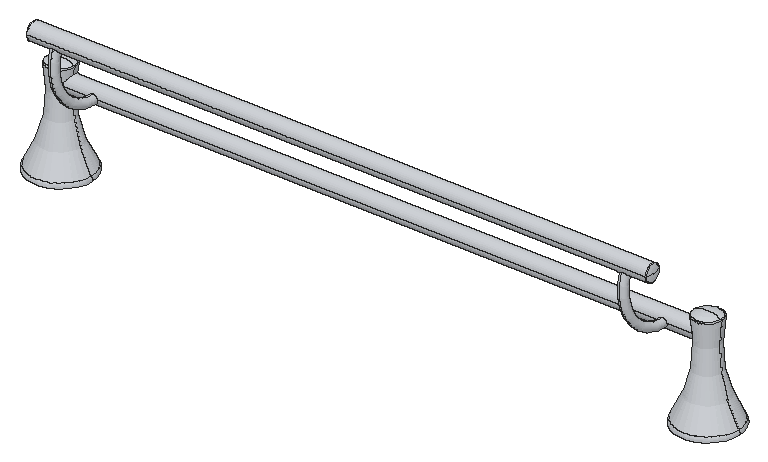
Revit family "Accessory-Towel_Bar-KOHLER-CORALAIS-K-13447T_1", category Specialty Equipment, host Face, Revit 2017
Family settings
  Host = Face
  Round Connector Dimension = Use Diameter
  Part Type = Normal
  OmniClass Number = 23.31.25.25
  OmniClass Title = Towel Bars
  Cut with Voids When Loaded = No
  Shared = No
  Room Calculation Point = No
Parameters (values of type "CP-Polished Chrome")
  Width = 23.62205"  # constant formula
  WaterSense Certified = 1 = 0  # no
  URL = "http://www.kohler.com.cn/en/"
  Type = 1
  Product Page URL = "https://www.kohler.com.cn/product/K-13447T-CP/K-13447T-CP/"
  Product Name = "CORALAIS"  # constant formula
  Product Documentation Link = "https://files.kohler.com.cn/pdfs/13430t_13428t.pdf"
  Model = if(Type = 1, "K-13447T-CP", if(Type = 2, "K-13447T-AF", if(Type = 3, "K-13447T-BL", "NA")))  # "K-13447T-CP"
  Material = "Premium Metal Construction"  # constant formula
  Master Format 2014 Name = "Toilet, Bath, and Laundry Accessories"  # constant formula
  Master Format 2014 = "10 28 00"  # constant formula
  Manufacturer Address = "Kohler Beijing Office (100016) 36-2-03-B, No. 88, Liuxiang Road, Beijing"  # constant formula
  Manufacturer = "KOHLER Co."  # constant formula
  Length = 5.85827"  # constant formula
  Height = 2.19685"  # constant formula
  Finish = Kohler-Metal-CP-Polished_Chrome
  Environmental Product Declaration = ""
  Description = "Tower Hanger"  # constant formula
  Default Elevation = 42"
  Declare Label = ""
  Date Modified = "07/08/2020"  # constant formula
  Date Created = "07/08/2020"  # constant formula
  Copyright = "Copyright KOHLER Co."  # constant formula
  Contact Us = "http://www.kohler.com.cn/en/contact/contact-us/"
  Assembly Code = "C1030200"
  ADA Compliant = 1 = 0  # no
Types (4): name | Type | Product Page URL | Model | Finish
  (no name) | 1 | "https://www.kohler.com.cn/product/K-13447T-CP/K-13447T-CP/" | "K-13447T-CP" | Kohler-Metal-CP-Polished_Chrome
  CP-Polished Chrome | 1 | "https://www.kohler.com.cn/product/K-13447T-CP/K-13447T-CP/" | "K-13447T-CP" | Kohler-Metal-CP-Polished_Chrome
  AF-Flange Gold | 2 | "https://www.kohler.com.cn/product/K-13447T-CP/K-13447T-AF/" | "K-13447T-AF" | Kohler-Metal-AF-Flange_Gold
  BL-Matte Black | 3 | "https://www.kohler.com.cn/product/K-13447T-CP/K-13447T-BL/" | "K-13447T-BL" | Kohler-Metal-BL-Matte_Black
Reference planes (in)
  plane 1 "Center (Front/Back)": y = 0
  plane 2: z = 0
  plane 3 "Center (Left/Right)": x = 0
  plane 4: x = -12.96317
  plane 5: x = -10.65888
  plane 6: x = -11.81102
  plane 7: y = 1.15348
  plane 8: y = -1.15348
  plane 9: y = -2.19685
  plane 10: z = 5.85827
  plane 11: x = 12.96317
  plane 12: x = 10.65888
  plane 13: x = 11.81102
  plane 14: y = 0.31521
  plane 15: y = -0.31417
  plane 16: y = -1.57049
  plane 17: z = 5.23426
  plane 18: z = 3.26724
  plane 19: z = 2.64015
  plane 20: z = 0.14886
  plane 21: z = 2.40935
  plane 22: z = 3.66094
Dimensions and locks (in)
  "Width": plane 6 to plane 13
  "Height": plane 9 to plane 1 "Center (Front/Back)"
  "Length": level to plane 10
  aligned and locked: plane 2 to host face
  aligned and locked: level to host face
Automatic sketch dimensions
  host sketch curve to host sketch curve = 96"  (x2)
Nested families (in)
  nested 1: "K-13447T" at (0, 0, 0), type "K-13447T"
Definition of nested family "K-13447T"
  Parameters (values of type "K-13447T")
    Material = none
  Reference planes (in)
    plane 1 "Center (Front/Back)": y = 0
    plane 2: z = 0
    plane 3 "Center (Left/Right)": x = 0
    plane 4: z = 5.8585
    plane 5: x = -12.96317
    plane 6: x = 12.96317
    plane 7: x = -10.65888
    plane 8: x = 10.65888
    plane 9: y = -1.15215
    plane 10: y = 1.15215
    plane 11: x = -11.81102
    plane 12: x = 11.81102
    plane 13: y = -2.1967
    plane 14: z = 0.03819
    plane 15: z = 0.16766
    plane 16: z = 0.14886
    plane 17: z = 2.40935
    plane 18: z = 2.3706
  Forms (in)
    Revolve 1, solid, material <- "Material", detail levels medium+fine
      sketch origin (0, 0, 0) x (1, 0, 0) y (0, 0, 1)
        loop
          line (-11.81102, 3.66117) -> (-11.81102, 0) -> (-10.65888, 0)
          arc (-10.65888, 0) -> (-10.66291, 0.08694) -> (-10.69546, 0.16766) r 0.25951
          arc (-10.69546, 0.16766) -> (-11.31382, 1.78133) -> (-11.3038, 3.5094) r 4.67563
          arc (-11.3038, 3.5094) -> (-11.30643, 3.53091) -> (-11.32117, 3.54679) r 0.03516
          arc (-11.32117, 3.54679) -> (-11.55804, 3.63849) -> (-11.81102, 3.66117) r 0.91031
        axis (-11.81102, 3.66117) -> (-11.81102, 0)
      angle from 0 to 360
    Sweep 2, solid, material <- "Material", detail levels medium+fine
      path origin (0, 0, 0) x (1, 0, 0) y (0, 0, 1)
        loop
          line (-12.00787, 2.96137) -> (12.00787, 2.96137)
      profile origin (0, 0, 2.96137) x (0, 0, 1) y (0, -1, 0)
        loop
          circle (-0.00781, -0.00049) r 0.31368
    Revolve 3, solid, material <- "Material", detail levels medium+fine
      sketch origin (0, 0, 5.54551) x (1, 0, 0) y (0, 1, 0)
        loop
          line (-11.33858, -1.8837) -> (11.33858, -1.8837)
          arc (11.33858, -1.8837) -> (11.33001, -1.73507) -> (11.30363, -1.58855) r 1.23671
          arc (11.30363, -1.58855) -> (11.29539, -1.57574) -> (11.28099, -1.57076) r 0.0233
          line (11.28099, -1.57076) -> (-11.28099, -1.57076)
          arc (-11.28099, -1.57076) -> (-11.29539, -1.57574) -> (-11.30363, -1.58855) r 0.0233
          arc (-11.30363, -1.58855) -> (-11.33001, -1.73507) -> (-11.33858, -1.8837) r 1.23671
        axis (-11.33858, -1.8837) -> (11.33858, -1.8837)
      angle from 0 to 360
    Sweep 4, solid, material <- "Material", detail levels medium+fine
      path origin (0, 0, 0) x (0, 1, 0) y (0, 0, 1)
        loop
          arc (-1.8351, 5.69528) -> (-1.73287, 3.67424) -> (0.15767, 2.95247) r 1.85258
      profile origin (0, -1.73287, 3.67424) x (0, 0.809017, 0.587785) y (1, 0, 0)
        loop
          circle (0, 10.39298) r 0.15625
        loop
          circle (0, -10.39194) r 0.15625
    Revolve 5, solid, material <- "Material", detail levels coarse
      sketch origin (0, 0, 0) x (1, 0, 0) y (0, 0, 1)
        loop
          line (-11.81102, 0) -> (-11.81102, 3.67288)
          arc (-11.81102, 3.67288) -> (-12.17513, 3.54119) -> (-12.37076, 3.20707) r 0.56921
          line (-12.37076, 3.20707) -> (-12.96317, 0) -> (-11.81102, 0)
        axis (-11.81102, 3.67288) -> (-11.81102, 0)
      angle from 0 to 360
    Sweep 6, solid, material <- "Material", detail levels coarse
      path origin (0, 0, 0) x (1, 0, 0) y (0, 0, 1)
        loop
          line (-11.509, 2.96678) -> (11.509, 2.96678)
      profile origin (0, 0, 2.96678) x (0, 0, 1) y (0, -1, 0)
        loop
          circle (0, 0) r 0.33405
    Sweep 7, solid, material <- "Material", detail levels coarse
      path origin (0, 0, 0) x (0, 1, 0) y (0, 0, 1)
        loop
          arc (-1.83484, 5.69519) -> (-1.74161, 3.66789) -> (0.15767, 2.95275) r 1.84495
      profile origin (0, -1.74161, 3.66789) x (0, 0.809017, 0.587785) y (1, 0, 0)
        loop
          circle (0, 10.39656) r 0.17345
        loop
          circle (0, -10.39656) r 0.17345
    Sweep 8, solid, material <- "Material", detail levels coarse
      path origin (0, 0, 0) x (1, 0, 0) y (0, 0, 1)
        loop
          line (11.22101, 5.5455) -> (-11.21994, 5.5455)
      profile origin (0.00053, 0, 5.5455) x (0, 0, -1) y (0, -1, 0)
        loop
          circle (0, 1.88075) r 0.32043
    Revolve 9, solid, material <- "Material", detail levels coarse
      sketch origin (0, 0, 0) x (-1, 0, 0) y (0, 0, 1)
        loop
          line (-11.81102, 0) -> (-11.81102, 3.67288)
          arc (-11.81102, 3.67288) -> (-12.17513, 3.54119) -> (-12.37076, 3.20707) r 0.56921
          line (-12.37076, 3.20707) -> (-12.96317, 0) -> (-11.81102, 0)
        axis (-11.81102, 3.67288) -> (-11.81102, 0)
      angle from 0 to 360
    Revolve 10, solid, material <- "Material", detail levels medium+fine
      sketch origin (0, 0, 0) x (-1, 0, 0) y (0, 0, 1)
        loop
          line (-11.81102, 3.66117) -> (-11.81102, 0) -> (-10.65888, 0)
          arc (-10.65888, 0) -> (-10.66291, 0.08694) -> (-10.69546, 0.16766) r 0.25951
          arc (-10.69546, 0.16766) -> (-11.31382, 1.78133) -> (-11.3038, 3.5094) r 4.67563
          arc (-11.3038, 3.5094) -> (-11.30643, 3.53091) -> (-11.32117, 3.54679) r 0.03516
          arc (-11.32117, 3.54679) -> (-11.55804, 3.63849) -> (-11.81102, 3.66117) r 0.91031
        axis (-11.81102, 3.66117) -> (-11.81102, 0)
      angle from 0 to 360
  Cuts and joins
    joined: Revolve 1, Sweep 2, Revolve 3, Sweep 4, Revolve 10
    joined: Revolve 5, Sweep 6, Sweep 7, Sweep 8, Revolve 9
  Lines and regions (in)
    Masking region 1
      outline origin (0, 0, 0) x (1, 0, 0) y (0, 1, 0)
        loop
          line (-10.70254, -0.31417) -> (-10.55174, -0.31417) -> (-10.55174, -1.57078) -> (-11.28055, -1.57078)
          arc (-11.28055, -1.57078) -> (-11.29489, -1.57574) -> (-11.3031, -1.5885) r 0.02321
          arc (-11.3031, -1.5885) -> (-11.3385, -1.88367) -> (-11.3033, -2.17885) r 1.25164
          arc (-11.3033, -2.17885) -> (-11.29504, -2.1917) -> (-11.28061, -2.1967) r 0.02334
          line (-11.28061, -2.1967) -> (-10.50285, -2.1967)
          arc (-10.50285, -2.1967) -> (-10.39199, -2.24316) -> (-10.28112, -2.1967) r 0.15549
          line (-10.28112, -2.1967) -> (10.28218, -2.1967)
          arc (10.28218, -2.1967) -> (10.39306, -2.24311) -> (10.50394, -2.1967) r 0.15564
          line (10.50394, -2.1967) -> (11.27971, -2.1967)
          arc (11.27971, -2.1967) -> (11.29564, -2.19115) -> (11.30466, -2.1769) r 0.02562
          arc (11.30466, -2.1769) -> (11.33834, -1.88292) -> (11.30398, -1.58902) r 1.287
          arc (11.30398, -1.58902) -> (11.29557, -1.5758) -> (11.28078, -1.57065) r 0.02384
          line (11.28078, -1.57065) -> (10.5518, -1.57065) -> (10.5518, -0.31417) -> (10.70254, -0.31417)
          arc (10.70254, -0.31417) -> (12.96317, 0) -> (10.70254, 0.31417) r 1.15215
          line (10.70254, 0.31417) -> (-10.70254, 0.31417)
          arc (-10.70254, 0.31417) -> (-12.96317, 0) -> (-10.70254, -0.31417) r 1.15215
        loop
          line (-10.23559, -0.31307) -> (-10.23559, -1.57049) -> (10.23559, -1.57049) -> (10.23559, -0.31307) -> (-10.23559, -0.31307)
    Masking region 2
      outline origin (0, 0, 0) x (1, 0, 0) y (0, 0, 1)
        loop
          arc (-11.28051, 5.8585) -> (-11.29491, 5.85351) -> (-11.30314, 5.8407) r 0.02328
          arc (-11.30314, 5.8407) -> (-11.33844, 5.54561) -> (-11.30343, 5.25049) r 1.25617
          arc (-11.30343, 5.25049) -> (-11.29528, 5.23779) -> (-11.28103, 5.23285) r 0.02304
          line (-11.28103, 5.23285) -> (-10.55065, 5.23285) -> (-10.55065, 3.26724) -> (-11.32946, 3.26724) -> (-11.30403, 3.50925)
          arc (-11.30403, 3.50925) -> (-11.30765, 3.53282) -> (-11.32517, 3.54901) r 0.03615
          arc (-11.32517, 3.54901) -> (-11.81102, 3.66368) -> (-12.29688, 3.54901) r 1.08657
          arc (-12.29688, 3.54901) -> (-12.31364, 3.52841) -> (-12.31628, 3.50199) r 0.0462
          arc (-12.31628, 3.50199) -> (-12.30715, 1.7773) -> (-12.92659, 0.16766) r 4.65508
          arc (-12.92659, 0.16766) -> (-12.95385, 0.10583) -> (-12.96317, 0.0389) r 0.24486
          line (-12.96317, 0.0389) -> (-12.96317, 0) -> (-10.65888, 0)
          arc (-10.65888, 0) -> (-10.66414, 0.08667) -> (-10.69546, 0.16766) r 0.28275
          arc (-10.69546, 0.16766) -> (-11.2275, 1.35018) -> (-11.35933, 2.64015) r 4.05764
          line (-11.35933, 2.64015) -> (11.35823, 2.64015)
          arc (11.35823, 2.64015) -> (11.22356, 1.35118) -> (10.69546, 0.16766) r 4.12356
          arc (10.69546, 0.16766) -> (10.6682, 0.10551) -> (10.65888, 0.03829) r 0.24701
          line (10.65888, 0.03829) -> (10.65888, 0) -> (12.96317, 0) -> (12.96317, 0.03819)
          arc (12.96317, 0.03819) -> (12.95385, 0.10546) -> (12.92659, 0.16766) r 0.24738
          arc (12.92659, 0.16766) -> (12.30913, 1.78141) -> (12.31823, 3.50923) r 4.68777
          arc (12.31823, 3.50923) -> (12.31522, 3.5317) -> (12.29927, 3.54781) r 0.03563
          arc (12.29927, 3.54781) -> (11.80819, 3.66381) -> (11.31771, 3.54524) r 1.08543
          arc (11.31771, 3.54524) -> (11.30592, 3.53328) -> (11.3036, 3.51665) r 0.02667
          arc (11.3036, 3.51665) -> (11.32521, 3.39205) -> (11.3442, 3.26703) r 6.03882
          line (11.3442, 3.26703) -> (10.54984, 3.26703) -> (10.54984, 5.23343) -> (11.28031, 5.23343)
          arc (11.28031, 5.23343) -> (11.29595, 5.23884) -> (11.30489, 5.25276) r 0.02529
          arc (11.30489, 5.25276) -> (11.33973, 5.54663) -> (11.30374, 5.84035) r 1.2365
          arc (11.30374, 5.84035) -> (11.29529, 5.85342) -> (11.28058, 5.8585) r 0.02385
          line (11.28058, 5.8585) -> (-11.28051, 5.8585)
        loop
          line (10.23703, 3.26708) -> (10.23703, 5.23426) -> (-10.23563, 5.23426) -> (-10.23563, 3.26708) -> (10.23703, 3.26708)
    Masking region 3
      outline origin (0, 0, 0) x (0, 1, 0) y (0, 0, 1)
        loop
          arc (1.15215, 0) -> (1.14723, 0.08675) -> (1.11556, 0.16766) r 0.27566
          arc (1.11556, 0.16766) -> (0.49742, 1.77468) -> (0.5047, 3.49648) r 4.66233
          arc (0.5047, 3.49648) -> (0.50629, 3.52669) -> (0.48586, 3.54901) r 0.03913
          arc (0.48586, 3.54901) -> (0.25078, 3.63908) -> (0, 3.66117) r 0.90826
          arc (0, 3.66117) -> (-0.25078, 3.63908) -> (-0.48586, 3.54901) r 0.90826
          arc (-0.48586, 3.54901) -> (-0.50629, 3.52669) -> (-0.5047, 3.49648) r 0.03913
          arc (-0.5047, 3.49648) -> (-0.46965, 3.28904) -> (-0.44399, 3.08024) r 4.66233
          arc (-0.44399, 3.08024) -> (-1.64844, 3.8306) -> (-1.86401, 5.23319) r 1.69992
          arc (-1.86401, 5.23319) -> (-1.74251, 5.82479) -> (-2.14686, 5.37618) r 0.31294
          arc (-2.14686, 5.37618) -> (-1.91197, 3.65615) -> (-0.42317, 2.76332) r 2.00619
          arc (-0.42317, 2.76332) -> (-0.57836, 1.41454) -> (-1.11556, 0.16766) r 4.66233
          arc (-1.11556, 0.16766) -> (-1.14723, 0.08675) -> (-1.15215, 0) r 0.27566
          line (-1.15215, 0) -> (0, 0) -> (1.15215, 0)
    symbolic lines, detail levels medium+fine
      curve 1: circle (-11.81102, 0, 0) r 0.50875 normal (0, 0, -1)
      curve 2: circle (-11.81102, 0, 0) r 0.48586 normal (0, 0, -1)
      curve 3: line (-10.70283, 0.31521, 0) -> (-11.41168, 0.31521, 0)
      curve 4: line (-10.70283, -0.31417, 0) -> (-11.41087, -0.31417, 0)
      curve 5: arc (-10.55174, -0.31404, 0) -> (-10.39373, -0.29169, 0) -> (-10.23559, -0.31307, 0) r 0.5823
      curve 6: line (-10.54824, -1.57049, 0) -> (-10.23559, -1.57049, 0)
      curve 7: circle (11.81102, 0, 0) r 0.50875 normal (0, 0, 1)
      curve 8: circle (11.81102, 0, 0) r 0.48586 normal (0, 0, 1)
      curve 9: line (10.70283, 0.31521, 0) -> (11.41168, 0.31521, 0)
      curve 10: line (10.70283, -0.31417, 0) -> (11.41087, -0.31417, 0)
      curve 11: arc (10.5518, -0.31406, 0) -> (10.39377, -0.29169, 0) -> (10.23559, -0.31307, 0) r 0.5823
      curve 12: line (10.55122, -1.57049, 0) -> (10.23559, -1.57049, 0)
      curve 13: line (12.29688, 0, 3.54901) -> (11.32517, 0, 3.54901)
      curve 14: line (12.92659, 0, 0.16766) -> (10.69546, 0, 0.16766)
      curve 15: line (-12.29688, 0, 3.54901) -> (-11.32517, 0, 3.54901)
      curve 16: line (-12.92659, 0, 0.16766) -> (-10.69546, 0, 0.16766)
      curve 17: arc (11.34423, 0, 3.26724) -> (11.50933, 0, 2.95723) -> (11.35823, 0, 2.64015) r 0.39006
      curve 18: arc (-11.32835, 0, 3.27787) -> (-11.509, 0, 2.96678) -> (-11.35823, 0, 2.64015) r 0.39006
      curve 19: line (0, 0.48586, 3.54901) -> (0, -0.48586, 3.54901)
      curve 20: line (0, 1.11556, 0.16766) -> (0, -1.11556, 0.16766)
      curve 21: arc (0, -1.86401, 5.23319) -> (0, -2.02501, 5.26629) -> (0, -2.14703, 5.37643) r 0.31294
      curve 22: arc (0, -0.42317, 2.76332) -> (0, -0.42956, 2.92204) -> (0, -0.44399, 3.08024) r 3.13156
      curve 23: line (0, 0.50663, 3.50199) -> (0, -0.50663, 3.50199)
      curve 24: line (-11.30479, 0, 3.50199) -> (-12.31628, 0, 3.50199)
      curve 25: line (11.30479, 0, 3.50199) -> (12.31628, 0, 3.50199)
      curve 26: line (-10.50285, -2.1967, 0) -> (-10.28112, -2.1967, 0)
      curve 27: line (10.28218, -2.1967, 0) -> (10.50394, -2.1967, 0)
      curve 28: line (10.54984, 0, 3.26703) -> (10.23117, 0, 3.26703)
      curve 29: line (10.54984, 0, 5.23343) -> (10.23703, 0, 5.23426)
      curve 30: line (-10.23563, 0, 3.26708) -> (-10.55065, 0, 3.26724)
      curve 31: line (-10.23563, 0, 5.23426) -> (-10.55065, 0, 5.23285)
      curve 32: line (12.96317, 0, 0.03819) -> (10.65888, 0, 0.03819)
      curve 33: line (12.93703, 0, 0.14886) -> (10.685, 0, 0.14886)
      curve 34: line (12.2381, 0, 2.40935) -> (11.36416, 0, 2.40935)
      curve 35: line (12.24001, 0, 2.3706) -> (11.36389, 0, 2.3706)
      curve 36: line (-12.96317, 0, 0.03819) -> (-10.65888, 0, 0.03819)
      curve 37: line (-12.93703, 0, 0.14886) -> (-10.685, 0, 0.14886)
      curve 38: line (-12.2381, 0, 2.40935) -> (-11.36416, 0, 2.40935)
      curve 39: line (-12.24001, 0, 2.3706) -> (-11.36389, 0, 2.3706)
      curve 40: line (0, 1.15338, 0.03819) -> (0, -1.15338, 0.03819)
      curve 41: line (0, 1.12565, 0.14886) -> (0, -1.12565, 0.14886)
      curve 42: line (0, 0.42544, 2.40935) -> (0, -0.42544, 2.40935)
      curve 43: line (0, 0.42732, 2.3706) -> (0, -0.42732, 2.3706)
  Dimensions and locks (in)
    aligned and locked: plane 2 to level
